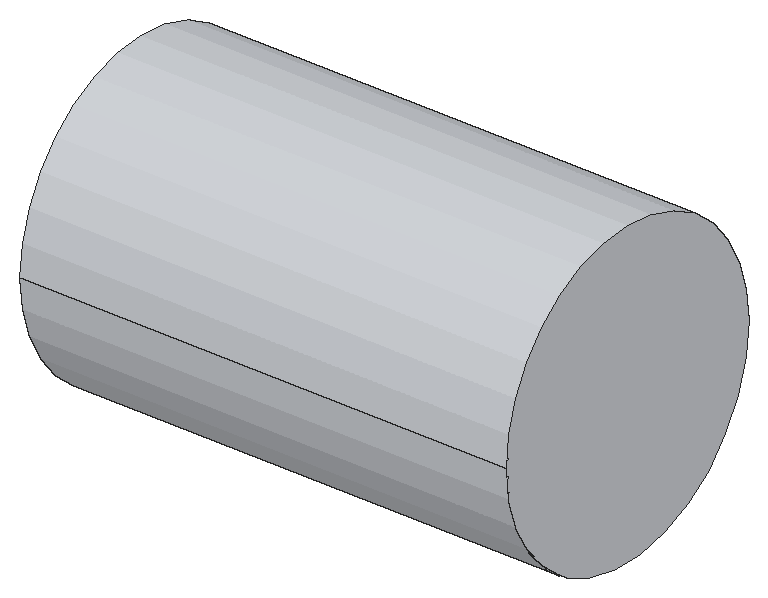
Revit family "f9a6f4fc337441d5b65e5fd60a27fd32", category Conduit Fittings, Revit 2021
Family settings
  Round Connector Dimension = Use Radius
  Part Type = Union
  OmniClass Number = 23.80.30.17.11
  OmniClass Title = Conduits
  Work Plane-Based = No
  Always vertical = Yes
  Cut with Voids When Loaded = No
  Shared = No
Parameters (values of type "Standard")
  Nominal Radius [instance] = 1/4"
  Nominal Diameter [instance] = Nominal Radius * 2  # 1/2"
  Length [instance] = size_lookup(Conduit Size Lookup, "Lgt", 0.61 * Nominal Diameter + 1 67/256", Nominal Diameter)  # 1 5/8"
  Fitting Outside Radius [instance] = Fitting Outside Diameter / 2  # 0.505"
  Fitting Outside Diameter [instance] = size_lookup(Conduit Size Lookup, "FOD", 1.14 * Nominal Diameter + 27/64", Nominal Diameter)  # 1.01"
  Default Elevation = 0' - 0"
  Conduit Size Lookup = "Conduit Coupling - Steel"
Reference planes (in)
  plane 1 "Center (Front/Back)": y = 0
  plane 2: z = 0
  plane 3 "Center (Left/Right)": x = 0
  plane 4: x = 1.625
Forms (in)
  Extrusion 1, solid, detail levels fine
    sketch origin (0, 0, 0) x (0, 1, 0) y (0, 0, 1)
      loop
        circle (0, 0) r 0.505
    from 0 to 1.625
Lines and regions (in)
  model lines, detail levels coarse+medium
    curve 1: line (0, 0, 0) -> (1.625, 0, 0)
Dimensions and locks (in)
  "Length": plane 3 "Center (Left/Right)" to plane 4
  "Fitting Outside Radius": radius of Extrusion 1 sketch curve
  aligned and locked: plane 3 "Center (Left/Right)" to curve 1
  aligned and locked: plane 4 to curve 1
  aligned and locked: plane 1 "Center (Front/Back)" to curve 1
  aligned and locked: plane 1 "Center (Front/Back)" to Extrusion 1 sketch curve
  aligned and locked: plane 2 to Extrusion 1 sketch curve
  aligned and locked: Extrusion 1 to plane 3 "Center (Left/Right)"
  aligned and locked: plane 4 to Extrusion 1
Connectors (in)
  cabletrayconduit at (0, 0, 0), diameter 0.5, driven by "Nominal Radius"
    settings: on Extrusion 1, index 1, connector width 1' - 0", connector height 1' - 0", connector angle 0.00°, system type 32, placement type 0, profile type 0, connector reference index 2, is primary connector yes, connector utility param no, connector description ""
  cabletrayconduit at (1.625, 0, 0), diameter 0.5, driven by "Nominal Radius"
    settings: on Extrusion 1, index 2, connector width 1' - 0", connector height 1' - 0", connector angle 0.00°, system type 32, placement type 0, profile type 0, connector reference index 1, is primary connector no, connector utility param no, connector description ""
